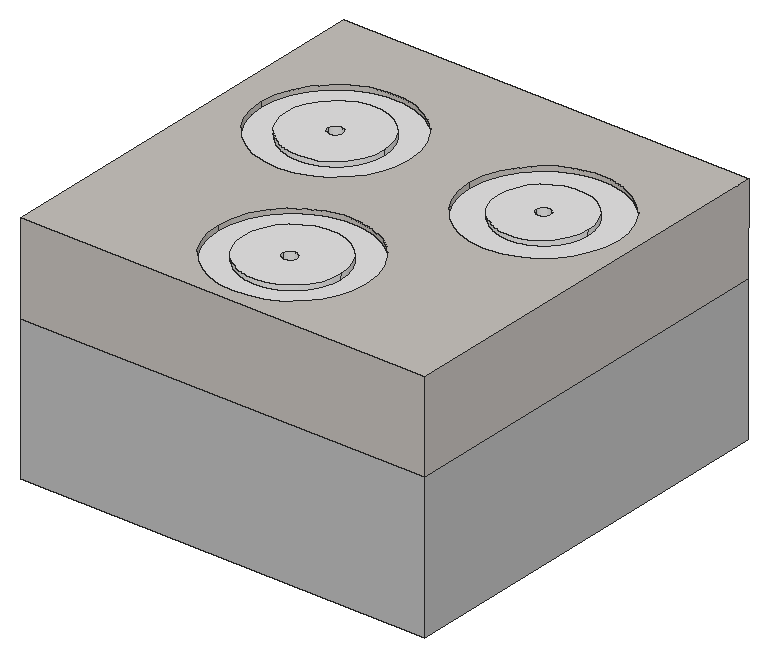
Revit family "Domotics-DomesticRanges-GEWISS-CHORUS_DATA-SOCKET-OUTLET_TV+FM+SAT", category Apparecchi elettrici, host Superficie, Revit 2016
Family settings
  Host = Superficie
  Mantenere orientamento annotazione = Sì
  Tipo di parte = Normale
  Quota connettore circolare = Usa diametro
  Taglio con vuoti quando caricato = Sì
  Condiviso = Sì
  Punto di calcolo locali = Sì
Parameters (values of type "GW14382 - TV+FM+SAT SOCKET 2M, TITANIUM")
  finitura = GEWISS NERO
  Visibilità simbolo in pianta [instance] = yes
  Visibilità lampada [instance] = yes
  Version file RFA = "19.0"
  URL = "https://www.gewiss.com/ww/en"
  Tipo_ = CHORUS PRESE TV-FM-SAT : GW14382 Presa TV+FM+SAT 2M titanio
  Technical sheet = "https://www.gewiss.com/ww/en/search?q=GW14382"
  Standard; = "EN 60728-4; IEC 61169-2; IEC 61169-24"
  SEO = "Socket outlet"
  Realized by GEWISS S.p.A. = ""
  Produttore = "GEWISS S.p.A."
  Offset_bidimensionale [instance] = 2 mm
  Default Elevation = 1219.2 mm
  Offset_lampada [instance] = 0 mm
  No. Chorus modules: = "2"
  Modello = "GW14382"
  Larghezza_lampada = 23 mm
  Immagine tipo = GW14382.jpg
  IFC.TypeObject = ""
  IFC.ExportType = ""
  IFC.ExportAs = ""
  IDT = "87191e38-9908-47b3-89a1-3665361e7312"
  IDF = "85f33400-7a84-44aa-bdf3-e8dbde1c9c67"
  Electrocod = "0131                "
  EAN code = "8011564267077"
  Distanza_x [instance] = -2760 mm
  Distanza_effettiva_x [instance] = 1500 mm - Distanza_x  # 4260 mm
  Descrizione = "TV+FM+SAT SOCKET 2M, TITANIUM"
  Description: = "Direct"
  Description. = "TV/FM/SAT socket-outlet"
  Connectors = "TV-FM-SAT"
  Colour = "Titanium"
  Category = "TV/FM/SAT socket-outlet"
  Catalogue Range = "CHORUS - DOMESTIC RANGE"
  Catalogue = "DOMOTICS"
  Case = "Pressure casting zamak metal body"
  Cable fixing = "With screw"
  COBie.Tagnumber = ""
  COBie.CreatedOn = ""
  COBie.CreatebBy = ""
  COBie.ComponentRegisterItemID = ""
  COBie.Component.TagNumber = ""
  COBie.Component.Space = ""
  COBie.Component.SerialNumber = ""
  COBie.Component.InstallationDate = ""
  COBie.Component.Description = ""
  COBie.Component.BarCode = ""
  Attenuation = "0 dB"
  Altezza_lampada = 45 mm
Types (3, lengths in mm): name | Tipo_ | Technical sheet | Modello | Immagine tipo | IDT | EAN code | Descrizione | Colour
  GW10382 - TV+FM+SAT SOCKET, 2M WHITE | CHORUS PRESE TV-FM-SAT : GW10382 Presa TV+FM+SAT 2M bianco | "https://www.gewiss.com/ww/en/search?q=GW10382" | "GW10382" | GW10382.jpg | "39fb0a52-4d3d-4de0-abd7-5e03874b9536" | "8011564257634" | "TV+FM+SAT SOCKET, 2M WHITE" | "White"
  GW12382 - TV+FM+SAT SOCKET 2M BLACK | CHORUS PRESE TV-FM-SAT : GW12382 Presa TV+FM+SAT 2M nero | "https://www.gewiss.com/ww/en/search?q=GW12382" | "GW12382" | GW12382.jpg | "3f0e4399-a463-4ec8-9b19-f10c05d36547" | "8011564269026" | "TV+FM+SAT SOCKET 2M BLACK" | "Black"
  GW14382 - TV+FM+SAT SOCKET 2M, TITANIUM | CHORUS PRESE TV-FM-SAT : GW14382 Presa TV+FM+SAT 2M titanio | "https://www.gewiss.com/ww/en/search?q=GW14382" | "GW14382" | GW14382.jpg | "87191e38-9908-47b3-89a1-3665361e7312" | "8011564267077" | "TV+FM+SAT SOCKET 2M, TITANIUM" | "Titanium"
Reference planes
  plane 1 "Centro (Fronte/Retro)": y = 0
  plane 2: z = 0
  plane 3 "Centro (Sinistra/Destra)": x = 0
  plane 4: x = -4260
  plane 5: x = 0
  plane 6: z = 0
  plane 7: z = 26
  plane 8 "bd": z = 28
Lines and regions (mm)
  model lines, style "ElectricalFixtures", detail levels coarse
    curve 1: circle (-11.717, 7.434, 28) r 0.903 normal (0, 0, 1)
    curve 2: circle (-11.717, 7.434, 28) r 7.117 normal (0, 0, 1)
    curve 3: circle (-11.717, 7.434, 28) r 4.615 normal (0, 0, 1)
    curve 4: circle (-11.717, 7.434, 28) r 7.791 normal (0, 0, 1)
    curve 5: line (-2.1, 1.503, 28) -> (-2.291, 2.055, 28)
    curve 6: line (-2.291, 2.055, 28) -> (-2.822, 2.48, 28)
    curve 7: line (-2.822, 2.48, 28) -> (-3.523, 2.565, 28)
    curve 8: line (-3.523, 2.565, 28) -> (-4.244, 2.416, 28)
    curve 9: line (-4.244, 2.416, 28) -> (-4.669, 1.885, 28)
    curve 10: line (-4.669, 1.885, 28) -> (-4.648, 1.248, 28)
    curve 11: line (-4.648, 1.248, 28) -> (-4.159, 0.888, 28)
    curve 12: line (-4.159, 0.888, 28) -> (-2.397, 0.357, 28)
    curve 13: line (-2.397, 0.357, 28) -> (-1.973, -0.216, 28)
    curve 14: line (-1.973, -0.216, 28) -> (-2.036, -0.79, 28)
    curve 15: line (-2.036, -0.79, 28) -> (-2.546, -1.278, 28)
    curve 16: line (-2.546, -1.278, 28) -> (-3.438, -1.405, 28)
    curve 17: line (-3.438, -1.405, 28) -> (-4.244, -1.193, 28)
    curve 18: line (-4.244, -1.193, 28) -> (-4.69, -0.747, 28)
    curve 19: line (-4.69, -0.747, 28) -> (-4.881, -0.153, 28)
    curve 20: line (2.114, -1.405, 28) -> (0.486, 2.565, 28)
    curve 21: line (0.486, 2.565, 28) -> (-1.099, -1.405, 28)
    curve 22: line (-0.538, 0, 28) -> (1.538, 0, 28)
    curve 23: line (2.666, 2.565, 28) -> (5.956, 2.565, 28)
    curve 24: line (4.311, 2.565, 28) -> (4.311, -1.405, 28)
    curve 25: line (23.5, -22.5, 28) -> (-22.5, -22.5, 28)
    curve 26: line (-22.5, -22.5, 28) -> (-22.5, 22.5, 28)
    curve 27: line (-22.5, 22.5, 28) -> (23.5, 22.5, 28)
    curve 28: line (23.5, 22.5, 28) -> (23.5, -22.5, 28)
    curve 29: line (-14.837, -1.154, 28) -> (-11.547, -1.154, 28)
    curve 30: line (-13.192, -1.154, 28) -> (-13.192, -5.124, 28)
    curve 31: line (-10.879, -1.154, 28) -> (-9.234, -5.124, 28)
    curve 32: line (-9.234, -5.124, 28) -> (-7.588, -1.154, 28)
    curve 33: line (10.199, -5.124, 28) -> (10.199, -1.154, 28)
    curve 34: line (10.199, -1.154, 28) -> (12.774, -1.154, 28)
    curve 35: line (10.199, -3.139, 28) -> (12.178, -3.139, 28)
    curve 36: line (17.265, -5.124, 28) -> (17.265, -1.154, 28)
    curve 37: line (17.265, -1.154, 28) -> (15.541, -4.768, 28)
    curve 38: line (15.541, -4.768, 28) -> (13.817, -1.154, 28)
    curve 39: line (13.817, -1.154, 28) -> (13.817, -5.124, 28)
    curve 40: circle (0.69, -10.075, 28) r 0.903 normal (0, 0, 1)
    curve 41: circle (0.69, -10.075, 28) r 7.117 normal (0, 0, 1)
    curve 42: circle (0.69, -10.075, 28) r 4.615 normal (0, 0, 1)
    curve 43: circle (0.69, -10.075, 28) r 7.791 normal (0, 0, 1)
    curve 44: circle (13.096, 7.434, 28) r 0.903 normal (0, 0, 1)
    curve 45: circle (13.096, 7.434, 28) r 7.117 normal (0, 0, 1)
    curve 46: circle (13.096, 7.434, 28) r 4.615 normal (0, 0, 1)
    curve 47: circle (13.096, 7.434, 28) r 7.791 normal (0, 0, 1)
  model lines, style "ElectricalFixtures", not visible, detail levels coarse
    curve 48: circle (159.733, 89.684, 48) r 0.903 normal (0, 0, 1)
    curve 49: circle (159.733, 89.684, 48) r 7.117 normal (0, 0, 1)
    curve 50: circle (159.733, 89.684, 48) r 4.615 normal (0, 0, 1)
    curve 51: circle (159.733, 89.684, 48) r 7.791 normal (0, 0, 1)
    curve 52: line (169.35, 83.754, 48) -> (169.159, 84.306, 48)
    curve 53: line (169.159, 84.306, 48) -> (168.628, 84.731, 48)
    curve 54: line (168.628, 84.731, 48) -> (167.928, 84.815, 48)
    curve 55: line (167.928, 84.815, 48) -> (167.206, 84.667, 48)
    curve 56: line (167.206, 84.667, 48) -> (166.781, 84.136, 48)
    curve 57: line (166.781, 84.136, 48) -> (166.803, 83.499, 48)
    curve 58: line (166.803, 83.499, 48) -> (167.291, 83.138, 48)
    curve 59: line (167.291, 83.138, 48) -> (169.053, 82.608, 48)
    curve 60: line (169.053, 82.608, 48) -> (169.478, 82.034, 48)
    curve 61: line (169.478, 82.034, 48) -> (169.414, 81.461, 48)
    curve 62: line (169.414, 81.461, 48) -> (168.904, 80.973, 48)
    curve 63: line (168.904, 80.973, 48) -> (168.013, 80.846, 48)
    curve 64: line (168.013, 80.846, 48) -> (167.206, 81.058, 48)
    curve 65: line (167.206, 81.058, 48) -> (166.76, 81.504, 48)
    curve 66: line (166.76, 81.504, 48) -> (166.569, 82.098, 48)
    curve 67: line (173.564, 80.846, 48) -> (171.937, 84.815, 48)
    curve 68: line (171.937, 84.815, 48) -> (170.352, 80.846, 48)
    curve 69: line (170.913, 82.251, 48) -> (172.988, 82.251, 48)
    curve 70: line (174.116, 84.815, 48) -> (177.407, 84.815, 48)
    curve 71: line (175.761, 84.815, 48) -> (175.761, 80.846, 48)
    curve 72: line (194.95, 59.751, 48) -> (148.95, 59.751, 48)
    curve 73: line (148.95, 59.751, 48) -> (148.95, 104.751, 48)
    curve 74: line (148.95, 104.751, 48) -> (194.95, 104.751, 48)
    curve 75: line (194.95, 104.751, 48) -> (194.95, 59.751, 48)
    curve 76: line (156.613, 81.097, 48) -> (159.904, 81.097, 48)
    curve 77: line (158.259, 81.097, 48) -> (158.259, 77.127, 48)
    curve 78: line (160.571, 81.097, 48) -> (162.217, 77.127, 48)
    curve 79: line (162.217, 77.127, 48) -> (163.862, 81.097, 48)
    curve 80: line (181.65, 77.127, 48) -> (181.65, 81.097, 48)
    curve 81: line (181.65, 81.097, 48) -> (184.225, 81.097, 48)
    curve 82: line (181.65, 79.112, 48) -> (183.629, 79.112, 48)
    curve 83: line (188.715, 77.127, 48) -> (188.715, 81.097, 48)
    curve 84: line (188.715, 81.097, 48) -> (186.991, 77.482, 48)
    curve 85: line (186.991, 77.482, 48) -> (185.267, 81.097, 48)
    curve 86: line (185.267, 81.097, 48) -> (185.267, 77.127, 48)
    curve 87: circle (172.14, 72.175, 48) r 0.903 normal (0, 0, 1)
    curve 88: circle (172.14, 72.175, 48) r 7.117 normal (0, 0, 1)
    curve 89: circle (172.14, 72.175, 48) r 4.615 normal (0, 0, 1)
    curve 90: circle (172.14, 72.175, 48) r 7.791 normal (0, 0, 1)
    curve 91: circle (184.546, 89.684, 48) r 0.903 normal (0, 0, 1)
    curve 92: circle (184.546, 89.684, 48) r 7.117 normal (0, 0, 1)
    curve 93: circle (184.546, 89.684, 48) r 4.615 normal (0, 0, 1)
    curve 94: circle (184.546, 89.684, 48) r 7.791 normal (0, 0, 1)
Dimensions and locks
  plane 4 to plane 3 "Centro (Sinistra/Destra)" = 4260 mm
  "Distanza_effettiva_x": plane 4 to plane 5
  "Offset_lampada": plane 6 to host face
  locked: plane 7 to plane 6 at 26
  "Offset_bidimensionale": plane 8 "bd" to plane 7
  aligned and locked: plane 2 to host face
  aligned and locked: level to host face
  aligned and locked: plane 1 "Centro (Fronte/Retro)" to nested 1
  aligned and locked: plane 5 to nested 1
  aligned and locked: nested 1 to plane 6
  aligned and locked: plane 8 "bd" to curve 25
  aligned and locked: curve 25 to nested 1
Automatic sketch dimensions
  host sketch curve to host sketch curve = 2438.4 mm  (x2)
Nested families
  nested 1: "CHORUS PRESE TV-FM-SAT" at (0, 0, 0), visible <- "Visibilità lampada", type <- "Tipo_", type "GW14382 Presa TV+FM+SAT 2M titanio", detail levels medium+fine
    with Spostamento_y_effettivo_etichetta 1000 mm, Spostamento_X_etichetta 0 mm, Spostamento_X_effettivo_etichetta 1000 mm, Cornice simbolo yes
  nested 2: "simb_tvsatfm" at (0, 209.005, 0), SIMBOLO <- "Visibilità simbolo in pianta", type "simb_tvsatfm"
Definition of nested family "CHORUS PRESE TV-FM-SAT"
  Parameters (values of type "tipo 1")
    Spostamento_y_effettivo_etichetta [instance] = 1000 mm
    Spostamento_X_etichetta [instance] = 0 mm
    Spostamento_X_effettivo_etichetta [instance] = 1000 mm - Spostamento_X_etichetta  # 1000 mm
    Default Elevation = 1219.2 mm
    Manufacturer = ""
    Model = ""
    Materiale = none
    L_modulo = 45 mm
    H_modulo = 45 mm
    Type Image = (empty or 0)
    IFC.TypeObject = ""
    IFC.ExportType = ""
    IFC.ExportAs = ""
    Description = ""
    Cornice simbolo [instance] = yes
    Type Comments = ""
    COBie.CreatedOn = ""
    COBie.CreatebBy = ""
    COBie.ComponentRegisterItemID = ""
    COBie.Component.TagNumber = ""
    COBie.Component.Space = ""
    COBie.Component.SerialNumber = ""
    COBie.Component.InstallationDate = ""
    COBie.Component.Description = ""
    COBie.Component.BarCode = ""
    Base = 16 mm
    BA = 1267 mm  # constant formula
  Reference planes
    plane 1 "Centro (Fronte/Retro)": y = 0
    plane 2: z = 0
    plane 3 "Centro (Sinistra/Destra)": x = 0
    plane 4: y = 22.5
    plane 5: y = -22.5
    plane 6: z = 16
    plane 7: x = -22.5
    plane 8: x = 22.5
    plane 9 "fro": z = 26
    plane 10: z = 21.373
    plane 11: x = -10.778
    plane 12: x = 12.337
    plane 13: z = 25.5
    plane 14: through (-25, 27, 1200) normal (0.4848, -0.8746, 0)
    plane 15: through (93.696, -2.604, 1200) normal (-0.2112, -0.9774, 0)
    plane 16: through (-93.011, -1524, -27.5) normal (-0.6293, 0, 0.7771)
    plane 17: through (-51.109, -1524, 46.673) normal (0.4848, 0, 0.8746)
    plane 18: y = 6.694
    plane 19: y = -13.097
  Forms (mm)
    Extrusion 1, solid, material <- "Materiale"
      sketch origin (0, 0, 26) x (-1, 0, 0) y (0, -1, 0)
        loop
          line (22.5, -22.5) -> (22.5, 22.5) -> (-22.5, 22.5) -> (-22.5, -22.5) -> (22.5, -22.5)
      from -10 to 0
    Extrusion 2, solid
      sketch origin (0, 0, 26) x (-1, 0, 0) y (0, -1, 0)
        loop
          line (-22.5, 22.5) -> (-22.5, -22.5) -> (22.5, -22.5) -> (22.5, 22.5) -> (-22.5, 22.5)
      from -26 to -10
    Extrusion 3, void
      sketch origin (0, 0, 26) x (-1, 0, 0) y (0, -1, 0)
        loop
          circle (10.778, -6.694) r 8.273
        loop
          circle (-12.337, -6.694) r 8.273
      from -4.627 to 0
    Extrusion 4, solid
      sketch origin (0, 0, 26) x (-1, 0, 0) y (0, -1, 0)
        loop
          circle (10.778, -6.694) r 8.273
        loop
          circle (10.778, -6.694) r 5.432
        loop
          circle (-12.337, -6.694) r 8.273
        loop
          circle (-12.337, -6.694) r 5
      from -4.627 to -0.5
    Extrusion 5, solid
      sketch origin (0, 0, 26) x (-1, 0, 0) y (0, -1, 0)
        loop
          circle (10.778, -6.694) r 5.432
        loop
          circle (-12.337, -6.694) r 5
      from -4.627 to 0
    Extrusion 6, void
      sketch origin (0, 0, 26) x (-1, 0, 0) y (0, -1, 0)
        loop
          circle (10.778, -6.694) r 0.812
        loop
          circle (-12.337, -6.694) r 0.783
      from -4.627 to 0
    Extrusion 7, void
      sketch origin (0, 0, 26) x (-1, 0, 0) y (0, -1, 0)
        loop
          circle (0, 12.785) r 8.3
      from -4.627 to 0
    Extrusion 8, solid
      sketch origin (10.778, -19.444, 26) x (-1, 0, 0) y (0, -1, 0)
        loop
          circle (10.778, -6.694) r 8.273
        loop
          circle (10.778, -6.694) r 5.432
      from -4.627 to -0.5
    Extrusion 9, solid
      sketch origin (10.778, -19.791, 26) x (-1, 0, 0) y (0, -1, 0)
        loop
          circle (10.778, -7.006) r 5.432
      from -4.627 to 0
    Extrusion 10, void
      sketch origin (10.778, -19.791, 26) x (-1, 0, 0) y (0, -1, 0)
        loop
          circle (10.778, -6.694) r 0.812
      from -4.627 to 0
  Cuts and joins
    Extrusion 3, Extrusion 7 cuts Extrusion 1
    Extrusion 6, Extrusion 10 cuts Extrusion 5
    Extrusion 10 cuts Extrusion 9
  Lines and regions (mm)
    model lines, not visible
      curve 1: line (-16.236, -13.097, 26) -> (-11.93, -13.097, 26)
      curve 2: line (-14.083, -13.097, 26) -> (-14.083, -18.293, 26)
      curve 3: line (-11.056, -13.097, 26) -> (-8.903, -18.293, 26)
      curve 4: line (-8.903, -18.293, 26) -> (-6.75, -13.097, 26)
      curve 5: line (6.999, -18.293, 26) -> (6.999, -13.097, 26)
      curve 6: line (6.999, -13.097, 26) -> (10.369, -13.097, 26)
      curve 7: line (6.999, -15.695, 26) -> (9.589, -15.695, 26)
      curve 8: line (16.245, -18.293, 26) -> (16.245, -13.097, 26)
      curve 9: line (16.245, -13.097, 26) -> (13.989, -17.828, 26)
      curve 10: line (13.989, -17.828, 26) -> (11.733, -13.097, 26)
      curve 11: line (11.733, -13.097, 26) -> (11.733, -18.293, 26)
      curve 43: line (136.736, 59.476, 26) -> (136.545, 60.028, 26)
      curve 44: line (136.545, 60.028, 26) -> (136.014, 60.452, 26)
      curve 45: line (136.014, 60.452, 26) -> (135.313, 60.537, 26)
      curve 46: line (135.313, 60.537, 26) -> (134.592, 60.388, 26)
      curve 47: line (134.592, 60.388, 26) -> (134.167, 59.858, 26)
      curve 48: line (134.167, 59.858, 26) -> (134.188, 59.221, 26)
      curve 49: line (134.188, 59.221, 26) -> (134.677, 58.86, 26)
      curve 50: line (134.677, 58.86, 26) -> (136.439, 58.329, 26)
      curve 51: line (136.439, 58.329, 26) -> (136.863, 57.756, 26)
      curve 52: line (136.863, 57.756, 26) -> (136.8, 57.183, 26)
      curve 53: line (136.8, 57.183, 26) -> (136.29, 56.695, 26)
      curve 54: line (136.29, 56.695, 26) -> (135.398, 56.567, 26)
      curve 55: line (135.398, 56.567, 26) -> (134.592, 56.779, 26)
      curve 56: line (134.592, 56.779, 26) -> (134.146, 57.225, 26)
      curve 57: line (134.146, 57.225, 26) -> (133.955, 57.82, 26)
      curve 58: line (140.95, 56.567, 26) -> (139.322, 60.537, 26)
      curve 59: line (139.322, 60.537, 26) -> (137.737, 56.567, 26)
      curve 60: line (138.298, 57.972, 26) -> (140.374, 57.972, 26)
      curve 61: line (141.502, 60.537, 26) -> (144.792, 60.537, 26)
      curve 62: line (143.147, 60.537, 26) -> (143.147, 56.567, 26)
      curve 63: line (123.999, 56.818, 26) -> (127.289, 56.818, 26)
      curve 64: line (125.644, 56.818, 26) -> (125.644, 52.849, 26)
      curve 65: line (127.957, 56.818, 26) -> (129.602, 52.849, 26)
      curve 66: line (129.602, 52.849, 26) -> (131.248, 56.818, 26)
      curve 67: line (149.035, 52.849, 26) -> (149.035, 56.818, 26)
      curve 68: line (149.035, 56.818, 26) -> (151.61, 56.818, 26)
      curve 69: line (149.035, 54.833, 26) -> (151.014, 54.833, 26)
      curve 70: line (156.101, 52.849, 26) -> (156.101, 56.818, 26)
      curve 71: line (156.101, 56.818, 26) -> (154.377, 53.204, 26)
      curve 72: line (154.377, 53.204, 26) -> (152.653, 56.818, 26)
      curve 73: line (152.653, 56.818, 26) -> (152.653, 52.849, 26)
    model lines
      curve 12: line (-1.654, -0.874, 26) -> (-1.845, -0.322, 26)
      curve 13: line (-1.845, -0.322, 26) -> (-2.375, 0.103, 26)
      curve 14: line (-2.375, 0.103, 26) -> (-3.076, 0.188, 26)
      curve 15: line (-3.076, 0.188, 26) -> (-3.798, 0.039, 26)
      curve 16: line (-3.798, 0.039, 26) -> (-4.222, -0.492, 26)
      curve 17: line (-4.222, -0.492, 26) -> (-4.201, -1.129, 26)
      curve 18: line (-4.201, -1.129, 26) -> (-3.713, -1.489, 26)
      curve 19: line (-3.713, -1.489, 26) -> (-1.951, -2.02, 26)
      curve 20: line (-1.951, -2.02, 26) -> (-1.526, -2.593, 26)
      curve 21: line (-1.526, -2.593, 26) -> (-1.59, -3.167, 26)
      curve 22: line (-1.59, -3.167, 26) -> (-2.099, -3.655, 26)
      curve 23: line (-2.099, -3.655, 26) -> (-2.991, -3.782, 26)
      curve 24: line (-2.991, -3.782, 26) -> (-3.798, -3.57, 26)
      curve 25: line (-3.798, -3.57, 26) -> (-4.244, -3.124, 26)
      curve 26: line (-4.244, -3.124, 26) -> (-4.435, -2.53, 26)
      curve 27: line (2.56, -3.782, 26) -> (0.933, 0.188, 26)
      curve 28: line (0.933, 0.188, 26) -> (-0.652, -3.782, 26)
      curve 29: line (-0.091, -2.377, 26) -> (1.984, -2.377, 26)
      curve 30: line (3.112, 0.188, 26) -> (6.403, 0.188, 26)
      curve 31: line (4.758, 0.188, 26) -> (4.758, -3.782, 26)
      curve 32: line (-14.391, -3.531, 26) -> (-11.1, -3.531, 26)
      curve 33: line (-12.745, -3.531, 26) -> (-12.745, -7.501, 26)
      curve 34: line (-10.432, -3.531, 26) -> (-8.787, -7.501, 26)
      curve 35: line (-8.787, -7.501, 26) -> (-7.142, -3.531, 26)
      curve 36: line (10.646, -7.501, 26) -> (10.646, -3.531, 26)
      curve 37: line (10.646, -3.531, 26) -> (13.221, -3.531, 26)
      curve 38: line (10.646, -5.516, 26) -> (12.625, -5.516, 26)
      curve 39: line (17.711, -7.501, 26) -> (17.711, -3.531, 26)
      curve 40: line (17.711, -3.531, 26) -> (15.987, -7.145, 26)
      curve 41: line (15.987, -7.145, 26) -> (14.264, -3.531, 26)
      curve 42: line (14.264, -3.531, 26) -> (14.264, -7.501, 26)
  Text (mm)
    text "B=C*A" at (54.401, 20.009, 0), in view "Livello rif."
  Dimensions and locks
    equal spacing: plane 4, plane 1 "Centro (Fronte/Retro)", plane 5
    "H_modulo": plane 4 to plane 5
    equal spacing: plane 7, plane 3 "Centro (Sinistra/Destra)", plane 8
    "L_modulo": plane 7 to plane 8
    locked: plane 9 "fro" to plane 6 at 10
    "Base": plane 6 to plane 2
    locked: plane 9 "fro" to plane 10 at 4.627
    locked: plane 13 to plane 10 at 4.127
    plane 9 "fro" to plane 13 = 0.5 mm
    radius of Extrusion 7 sketch curve = 8.3 mm
    angle plane 14 to plane 5 = 151.00°
    angle plane 4 to plane 15 = 167.809°
    angle plane 1 "Centro (Fronte/Retro)" to plane 15 = 167.809°
    angle plane 17 to plane 2 = 29.00°
    angle level to plane 17 = 151.00°
    angle plane 16 to level = 141.00°
    aligned and locked: level to plane 2
    aligned and locked: Extrusion 1 sketch curve to plane 7
    aligned and locked: Extrusion 1 sketch curve to plane 8
    aligned and locked: Extrusion 1 sketch curve to plane 4
    aligned and locked: Extrusion 1 sketch curve to plane 5
    aligned and locked: plane 6 to Extrusion 1
    aligned and locked: plane 9 "fro" to Extrusion 1
    aligned and locked: Extrusion 2 sketch curve to plane 8
    aligned and locked: Extrusion 2 sketch curve to plane 5
    aligned and locked: Extrusion 2 sketch curve to plane 4
    aligned and locked: Extrusion 2 sketch curve to plane 7
    aligned and locked: Extrusion 2 to plane 2
    aligned and locked: Extrusion 2 to plane 6
    aligned and locked: plane 11 to Extrusion 3 sketch curve
    aligned and locked: plane 12 to Extrusion 3 sketch curve
    aligned and locked: Extrusion 3 to plane 10
    aligned and locked: plane 9 "fro" to Extrusion 3
    aligned and locked: Extrusion 4 to plane 10
    aligned and locked: plane 13 to Extrusion 4
    aligned and locked: Extrusion 5 to plane 10
    aligned and locked: plane 9 "fro" to Extrusion 5
    aligned and locked: Extrusion 6 to plane 10
    aligned and locked: plane 9 "fro" to Extrusion 6
    aligned and locked: plane 9 "fro" to cut or joined group of Extrusion 5, Extrusion 6, Extrusion 10
    aligned and locked: plane 18 to Extrusion 3 sketch curve  (x2)
    aligned and locked: plane 18 to Extrusion 4 sketch curve  (x4)
    aligned and locked: plane 11 to Extrusion 4 sketch curve  (x2)
    aligned and locked: plane 12 to Extrusion 4 sketch curve  (x2)
    aligned and locked: plane 18 to Extrusion 5 sketch curve  (x2)
    aligned and locked: plane 11 to Extrusion 5 sketch curve
    aligned and locked: plane 12 to Extrusion 5 sketch curve
    aligned and locked: plane 11 to Extrusion 6 sketch curve
    aligned and locked: plane 12 to Extrusion 6 sketch curve
    aligned and locked: plane 18 to Extrusion 6 sketch curve  (x2)
    aligned and locked: Extrusion 7 to plane 10
    aligned and locked: Extrusion 1 to Extrusion 7
    aligned and locked: Extrusion 10 to plane 10
    aligned and locked: plane 9 "fro" to Extrusion 10
    aligned and locked: cut or joined group of Extrusion 5, Extrusion 6, Extrusion 10 to plane 9 "fro"
  Automatic sketch dimensions
    Extrusion 7 sketch curve to plane 3 "Centro (Sinistra/Destra)" = 0 mm
    plane 19 to Extrusion 7 sketch curve = 0.312 mm
    Extrusion 8 sketch curve to Extrusion 8 sketch curve = 0 mm  (x2)
    Extrusion 8 sketch curve to plane 3 "Centro (Sinistra/Destra)" = 0 mm
    plane 19 to Extrusion 8 sketch curve = 0.347 mm
    Extrusion 9 sketch curve to plane 3 "Centro (Sinistra/Destra)" = 0 mm
    plane 19 to Extrusion 9 sketch curve = 0.312 mm
    Extrusion 10 sketch curve to plane 3 "Centro (Sinistra/Destra)" = 0 mm
    Extrusion 10 sketch curve to plane 19 = 0 mm
    radius of Extrusion 3 sketch curve = 8.273 mm  (x2)
    radius of Extrusion 4 sketch curve = 8.273 mm  (x2)
    radius of Extrusion 4 sketch curve = 5.432 mm
    radius of Extrusion 4 sketch curve = 5 mm
    radius of Extrusion 5 sketch curve = 5.432 mm
    radius of Extrusion 5 sketch curve = 5 mm
    radius of Extrusion 6 sketch curve = 0.812 mm
    radius of Extrusion 6 sketch curve = 0.783 mm
    radius of Extrusion 8 sketch curve = 8.273 mm
    radius of Extrusion 8 sketch curve = 5.432 mm
    radius of Extrusion 9 sketch curve = 5.432 mm
    radius of Extrusion 10 sketch curve = 0.812 mm
Definition of nested family "simb_tvsatfm"
  Parameters (values of type "simb_tvsatfm")
    SIMBOLO [instance] = yes
    Distanza dal muro [instance] = 4.208 mm
    BORDO ACCESO [instance] = yes
  Reference planes
    plane 1: y = 0
    plane 2: x = 0
  Lines and regions (mm)
    detail lines, visible <- "BORDO ACCESO"
      curve 1: line (5.996, 0, 0) -> (-6.022, 0, 0)
      curve 2: line (-6.022, 0, 0) -> (-6.022, 5.414, 0)
      curve 3: line (-6.022, 5.414, 0) -> (5.996, 5.414, 0)
      curve 4: line (5.996, 5.414, 0) -> (5.996, 0, 0)
    detail lines, visible <- "SIMBOLO"
      curve 5: line (1.629, 2.707, 0) -> (1.99, 2.707, 0)
      curve 6: line (1.99, 2.707, 0) -> (2.351, 2.707, 0)
      curve 7: line (-2.377, 2.707, 0) -> (-2.016, 2.707, 0)
      curve 8: line (-2.016, 2.707, 0) -> (-1.655, 2.707, 0)
      curve 9: line (3.993, 2.707, 0) -> (3.993, 1.065, 0)
      curve 10: line (2.351, 4.349, 0) -> (2.351, 2.707, 0)
      curve 11: line (2.351, 2.707, 0) -> (5.635, 2.707, 0)
      curve 12: line (5.635, 2.707, 0) -> (5.635, 4.349, 0)
      curve 13: line (-0.013, 2.707, 0) -> (-0.013, 1.065, 0)
      curve 14: line (-1.655, 4.349, 0) -> (-1.655, 2.707, 0)
      curve 15: line (-1.655, 2.707, 0) -> (1.629, 2.707, 0)
      curve 16: line (1.629, 2.707, 0) -> (1.629, 4.349, 0)
      curve 17: line (-4.019, 2.707, 0) -> (-4.019, 1.065, 0)
      curve 18: line (-2.377, 4.349, 0) -> (-2.377, 2.707, 0)
      curve 19: line (-2.377, 2.707, 0) -> (-5.661, 2.707, 0)
      curve 20: line (-5.661, 2.707, 0) -> (-5.661, 4.349, 0)
  Text (mm)
    text "TV" at (5.03, 2.792, 0), visible <- "SIMBOLO"
    text "SAT" at (1.18, 2.714, 0), visible <- "SIMBOLO"
    text "FM" at (-2.982, 2.792, 0), visible <- "SIMBOLO"
